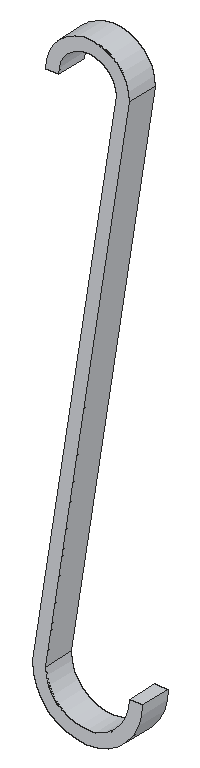
Revit family "Tree Guard", category Balusters, Revit 2024
Family settings
  Always vertical = Yes
  Cut with Voids When Loaded = No
  Shared = No
Parameters (values of type "S Curve")
  built-in parameter 1008623 [instance] = 0.56723 (stored number, unit not read)
  built-in parameter 1008625 [instance] = (empty or 0)
  Radius = 50 mm
  Profile Width = 38 mm
  Post = no
  Material = _Default - Metal
  Gauge = 15 mm
  EA_Repath [instance] = 0 mm
  Bottom Offset = Radius + Gauge  # 65 mm
  built-in parameter 1008624 [instance] = 0.56723 (stored number, unit not read)
  built-in parameter 1008622 [instance] = 762 mm
Reference planes
  plane 1 "Center F/B": y = 0
  plane 2: z = 0
  plane 3 "Center L/R": x = 0
  plane 4 "Top": z = 762
  plane 5: z = 712
  plane 6: z = 65
Forms (mm)
  Sweep 1, solid
    path in 3D
      loop
        arc (50.8, 0, 65) -> (0, 0, 14.2) -> (-50.8, 0, 65) r 50.8
        line (-50.8, 0, 65) -> (50.8, 0, 712)
        arc (50.8, 0, 712) -> (0, 0, 762.8) -> (-50.8, 0, 712) r 50.8
    profile origin (0, 0, 0) x (0, 0, -1) y (0, -1, 0)
      loop
        line (-762.8, -19) -> (-747, -19) -> (-747, 19) -> (-762.8, 19) -> (-762.8, -19)
Lines and regions (mm)
  model lines
    curve 1: arc (50.8, 0, 712) -> (0, 0, 762.8) -> (-50.8, 0, 712) r 50.8
    curve 2: arc (-50.8, 0, 65) -> (0, 0, 14.2) -> (50.8, 0, 65) r 50.8
    curve 3: line (50.8, 0, 712) -> (-50.8, 0, 65)
  sketch lines
    curve 4: arc (50.8, 0, 712) -> (0, 0, 762.8) -> (-50.8, 0, 712) r 50.8
    curve 5: line (50.8, 0, 712) -> (-50.8, 0, 65)
    curve 6: arc (-50.8, 0, 65) -> (0, 0, 14.2) -> (50.8, 0, 65) r 50.8
Dimensions and locks
  "built-in parameter 1008622": plane 2 to plane 4 "Top"
  "Radius": plane 5 to plane 4 "Top"
  "Bottom Offset": plane 6 to level
  equal spacing: Sweep 1 sketch curve, plane 1 "Center F/B", Sweep 1 sketch curve
  "Profile Width": Sweep 1 sketch curve to Sweep 1 sketch curve
  "Gauge": Sweep 1 sketch curve to plane 4 "Top"
  aligned and locked: plane 5 to curve 3
Automatic sketch dimensions
  curve 3 to plane 6 = 0 mm
  Sweep 1 sketch curve to profile plane = 0 mm
  curve 2 to plane 3 "Center L/R" = 0 mm
  curve 1 to plane 3 "Center L/R" = 0 mm
  curve 2 to plane 3 "Center L/R" = 50.8 mm
  curve 1 to plane 3 "Center L/R" = 50.8 mm
